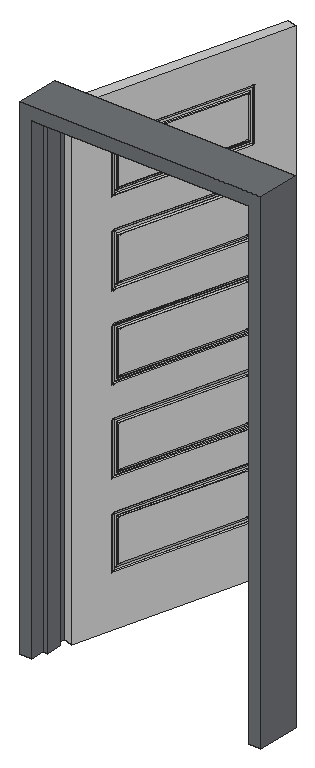
Revit family "Taylor_Entrance_5_Panel_Equal_Shaker", category Doors, host Wall, Revit 2026
Family settings
  Host = Wall
  Classification Number = 23.30.10.00
  Always vertical = Yes
  Cut with Voids When Loaded = No
  Shared = No
  Room Calculation Point = No
Parameters (values of type "36" x 84"")
  Wall depth [instance] = 0' - 6"
  URL = ""
  Thickness = 0' - 1 3/4"
  Swing Visible [instance] = Swing Angle > 1.00°  # yes
  Swing Angle [instance] = 75.00°
  Swing Actual [instance] = if(Swing Angle < 1.00°, 1.00°, Swing Angle)  # 75.00°
  Specification = "https://charrette.arcat.com/company/taylor-entrance-systems-inc-50999/spec"
  SpecWizard = ""
  Sales Information = "http://www.taylordoor.com/Content/Contact_Us.cfm"
  Rough Width = Width + 0' 4"  # 3' - 4"
  Rough Height = Height + 0' 2"  # 6' - 10"
  Product Data = ""
  Model = "5 Panel Equal (Shaker)"
  Masonry Wall [instance] = not(Gypboard Wall)  # no
  Manufacturer Website = "http://www.taylordoor.com/"
  Manufacturer Phone - Toll Free = "800-248-3600"
  Manufacturer Phone = ""
  Manufacturer Fax = "800-252-5468"
  Manufacturer Email = ""
  Manufacturer Address = "631 N. First St., West Branch, MI 48661"
  Manufacturer = "Taylor Entrance Systems"
  Installation-Fabrication = ""
  Gypboard Wall [instance] = yes
  Green Building-LEED = ""
  Function = Interior
  Height = 6' - 8"
  Wall Closure = By host
  Width = 3' - 0"
  Fire Rating = ""
  Door Panel = Door Slab - 5 Panel Shaker : Door Slab - 5 Panel Shaker
  Door Frame Finish = Material - Door - Frame
  Door Finish = Door Finish - Grey Paintable Primer
  Description = "5 panel equal (shaker) embossment option for steel doors"
  Analytic Construction = "<None>"
Types (2): name | Door Panel | Description
  36" x 84" | Door Slab - 5 Panel Shaker : Door Slab - 5 Panel Shaker | "5 panel equal (shaker) embossment option for steel doors"
  36" x 84" ADA | Door Slab - 5 Panel Shaker ADA : Door Slab - 5 Panel Shaker ADA | "5 panel equal (shaker) ADA embossment option for steel doors"
Reference planes
  plane 1 "Center (Front/Back)": y = 0
  plane 2 "Center (Left/Right)": x = 0
  plane 3 "Left": x = -457.2
  plane 4 "Right": x = 457.2
  plane 5 "Top": z = 2032
  plane 6 "Exterior": y = 76.2
  plane 7 "Interior": y = -76.2
  plane 8: x = -508
  plane 9: x = 508
  plane 10: z = 2082.8
  plane 11: x = -431.8
  plane 12: x = 431.8
  plane 13: z = 25.4
  plane 14: z = 177.8
Forms (mm)
  Sweep 1, solid, material "Material - Door - Frame" <- "Door Frame Finish", visible <- "Gypboard Wall"
    path origin (0, -76.2, 0) x (1, 0, 0) y (0, 0, 1)
      loop
        line (-457.2, 0) -> (-457.2, 2032) -> (457.2, 2032) -> (457.2, 0)
    profile origin (-457.2, -76.2, 1016) x (-1, 0, 0) y (0, -1, 0)
      loop
        line (50.8, -166.37) -> (50.8, 13.97) -> (0, 13.97) -> (0, -44.45) -> (-19.05, -44.45) -> (-19.05, -107.95) -> (0, -107.95) -> (0, -166.37) -> (50.8, -166.37)
  Sweep 2, solid, material "Material - Door - Frame" <- "Door Frame Finish", visible <- "Masonry Wall"
    path origin (0, -76.2, 0) x (1, 0, 0) y (0, 0, 1)
      loop
        line (-457.2, 0) -> (-457.2, 2032) -> (457.2, 2032) -> (457.2, 0)
    profile origin (-457.2, -76.2, 1016) x (-1, 0, 0) y (0, -1, 0)
      loop
        line (50.8, 0) -> (0, 0) -> (0, -44.45) -> (-19.05, -44.45) -> (-19.05, -117.475) -> (0, -117.475) -> (0, -152.4) -> (50.8, -152.4) -> (50.8, 0)
Lines and regions (mm)
  Opening 1
    outline origin (-2286, -76.2, 0) x (1, 0, 0) y (0, 0, 1)
      loop
        line (1778, 0) -> (2794, 0) -> (2794, 2082.8) -> (1778, 2082.8) -> (1778, 0)
  symbolic lines, style "Elevation Swing"
    curve 1: line (457.2, 76.2, 0) -> (-457.2, 76.2, 1016)
    curve 2: line (-457.2, 76.2, 1016) -> (457.2, 76.2, 2032)
  reference lines
    curve 3: line (-457.2, 76.2, 0) -> (-220.536, 959.443, 0)
  symbolic lines, style "DoorsFrameMullionProjection", visible <- "Gypboard Wall"
    curve 4: line (-508, -466.911, 0) -> (-457.2, -466.911, 0)
    curve 5: line (-508, -90.17, 0) -> (-508, -466.911, 0)
    curve 6: line (-457.2, -90.17, 0) -> (-508, -90.17, 0)
    curve 7: line (-457.2, -466.911, 0) -> (-457.2, -90.17, 0)
    curve 8: line (457.2, 90.17, 0) -> (508, 90.17, 0)
    curve 9: line (457.2, -90.17, 0) -> (457.2, 90.17, 0)
    curve 10: line (508, -90.17, 0) -> (457.2, -90.17, 0)
    curve 11: line (508, 90.17, 0) -> (508, -90.17, 0)
  symbolic lines, style "DoorsFrameMullionProjection", visible <- "Masonry Wall"
    curve 12: line (-508, 76.2, 0) -> (-457.2, 76.2, 0)
    curve 13: line (-508, -76.2, 0) -> (-508, 76.2, 0)
    curve 14: line (-457.2, -76.2, 0) -> (-508, -76.2, 0)
    curve 15: line (-457.2, 76.2, 0) -> (-457.2, -76.2, 0)
    curve 16: line (457.2, 76.2, 0) -> (508, 76.2, 0)
    curve 17: line (457.2, -76.2, 0) -> (457.2, 76.2, 0)
    curve 18: line (508, -76.2, 0) -> (457.2, -76.2, 0)
    curve 19: line (508, 76.2, 0) -> (508, -76.2, 0)
  symbolic lines, style "Swing"
    curve 20: arc (457.2, 76.2, 0) -> (268.242, 632.851, 0) -> (-220.536, 959.443, 0) r 914.4
  symbolic lines, style "DoorsFrameMullionProjection"
    curve 21: line (-457.2, -76.2, 2032) -> (457.2, -76.2, 2032)
    curve 22: line (-457.2, -76.2, 0) -> (-457.2, -76.2, 2032)
    curve 23: line (457.2, -76.2, 2032) -> (457.2, -76.2, 0)
    curve 24: line (-508, -76.2, 2082.8) -> (508, -76.2, 2082.8)
    curve 25: line (-508, -76.2, 0) -> (-508, -76.2, 2082.8)
    curve 26: line (508, -76.2, 0) -> (-508, -76.2, 0)
    curve 27: line (508, -76.2, 2082.8) -> (508, -76.2, 0)
  symbolic lines, style "Kick Plate"
    curve 28: line (-431.8, -76.2, 254) -> (431.8, -76.2, 254)
    curve 29: line (-431.8, -76.2, 25.4) -> (-431.8, -76.2, 254)
    curve 30: line (431.8, -76.2, 25.4) -> (-431.8, -76.2, 25.4)
    curve 31: line (431.8, -76.2, 254) -> (431.8, -76.2, 25.4)
Text (mm)
  text "Exterior" at (-1904.17, 693.701, 0), in view "Ref. Level"
  text "Interior" at (-1904.17, -638.649, 0), in view "Ref. Level"
  text "Exterior" at (0, 1019.848, 3124.603), in view "Right"
  text "Interior" at (0, -1635.541, 3124.603), in view "Right"
  text "Interior" at (0, -787.806, 3124.376), in view "Left"
  text "Exterior" at (0, 1386.095, 3124.376), in view "Left"
Dimensions and locks
  equal spacing: plane 3 "Left", plane 2 "Center (Left/Right)", plane 4 "Right"
  "Height": level to plane 5 "Top"
  "Width": plane 3 "Left" to plane 4 "Right"
  equal spacing: host wall, curve 2, plane 5 "Top"
  equal spacing: plane 8, plane 2 "Center (Left/Right)", plane 9
  "Rough Width": plane 8 to plane 9
  "Width": curve 3 to curve 3
  "Thickness": Sweep 1 sketch curve to plane 6 "Exterior"
  locked: Sweep 1 sketch curve to host wall at 13.97  (x2)
  "Wall depth": host wall to host wall
  "Thickness": Sweep 2 sketch curve to Sweep 1
  "Thickness": Sweep 2 sketch curve to Sweep 2 sketch curve
  "Thickness": host wall to Sweep 1 sketch curve
  "Rough Height": plane 10 to level
  locked: plane 3 "Left" to plane 11 at 25.4
  locked: plane 12 to plane 4 "Right" at 25.4
  locked: plane 13 to level at 25.4
  locked: plane 14 to plane 13 at 152.4
  "Width": radius of curve 20
  "Swing Angle": angle plane 6 "Exterior" to curve 3
  "Swing Actual": angle curve 20 to curve 20
  aligned and locked: Opening 1 sketch curve to level
  aligned and locked: plane 4 "Right" to curve 1
  aligned and locked: plane 3 "Left" to curve 1
  aligned and locked: plane 5 "Top" to curve 2
  aligned and locked: plane 6 "Exterior" to host wall
  aligned and locked: plane 7 "Interior" to host wall
  aligned and locked: plane 6 "Exterior" to curve 3
  aligned and locked: plane 3 "Left" to curve 3
  aligned and locked: Opening 1 sketch curve to plane 8
  aligned and locked: plane 9 to Opening 1 sketch curve
  aligned and locked: Sweep 1 sketch curve to plane 3 "Left"
  aligned and locked: plane 4 "Right" to Sweep 1 sketch curve
  aligned and locked: plane 5 "Top" to Sweep 1 sketch curve
  aligned and locked: Sweep 1 sketch curve to plane 8
  aligned and locked: level to Sweep 2 sketch curve  (x2)
  aligned and locked: plane 4 "Right" to Sweep 2 sketch curve
  aligned and locked: Sweep 2 sketch curve to plane 3 "Left"  (x2)
  aligned and locked: plane 5 "Top" to Sweep 2 sketch curve
  aligned and locked: profile plane to Sweep 2 sketch curve  (x2)
  aligned and locked: plane 8 to Sweep 2 sketch curve
  aligned and locked: curve 13 to plane 8
  aligned and locked: plane 3 "Left" to curve 15
  aligned and locked: curve 12 to host wall
  aligned and locked: curve 14 to host wall
  aligned and locked: curve 18 to host wall
  aligned and locked: curve 16 to host wall
  aligned and locked: curve 19 to plane 9
  aligned and locked: curve 17 to plane 4 "Right"
  aligned and locked: curve 3 to curve 20
  aligned and locked: plane 10 to Opening 1 sketch curve
  aligned and locked: plane 5 "Top" to curve 21
  aligned and locked: plane 4 "Right" to curve 23
  aligned and locked: curve 22 to plane 3 "Left"
  aligned and locked: plane 10 to curve 24
  aligned and locked: curve 27 to plane 9
  aligned and locked: curve 25 to plane 8
  aligned and locked: level to curve 26
  aligned and locked: curve 29 to plane 11
  aligned and locked: plane 12 to curve 31
Automatic sketch dimensions
  curve 1 to level = 0' - 0"
  curve 2 to plane 4 "Right" = 0' - 0"
  Sweep 1 sketch curve to level = 0' - 0"  (x2)
  Sweep 1 sketch curve to profile plane = 0' - 0"  (x2)
  profile plane to Sweep 1 sketch curve = 0' - 0 3/4"
  profile plane to Sweep 2 sketch curve = 0' - 0 3/4"
  Sweep 2 sketch curve to Sweep 2 sketch curve = 0' - 1 3/8"
  curve 31 to plane 13 = 0' - 0"
  plane 14 to curve 31 = 0' - 3"
  curve 4 to plane 8 = 0' - 0"
  curve 7 to plane 3 "Left" = 0' - 0"
  curve 10 to plane 4 "Right" = 0' - 0"
  curve 8 to plane 9 = 0' - 0"
  host wall to curve 10 = 0' - 0.55"
  host wall to curve 7 = 0' - 0.55"
  curve 4 to curve 5 = 1' - 2.83231"
  host wall to curve 9 = 0' - 0.55"
Nested families
  nested 1: "Door Slab - 5 Panel Shaker" at (-457.2, 76.2, 0) x (0.2588, 0.9659, 0) z (0, 0, 1), Door slab width <- "Width", Door slab thickness <- "Thickness", Door slab height <- "Height", type <- "Door Panel", type "Door Slab - 5 Panel Shaker"
    with Gypboard Wall yes, Door slab width 3' - 0", Door slab thickness 0' - 1 3/4", Door slab height 6' - 8"
Definition of nested family "Door Slab - 5 Panel Shaker"
  Parameters (values of type "Door Slab - 5 Panel Shaker")
    Door Finish = none
    Gypboard Wall [instance] = yes
    Door slab width [instance] = 3' - 0"
    Door slab thickness [instance] = 0' - 1 3/8"
    Door slab height [instance] = 6' - 8"
    Default Elevation = 4' - 0"
    Analytic Construction = "<None>"
  Reference planes
    plane 1 "Center (Front/Back)": y = 0
    plane 2: z = 0
    plane 3 "Center (Left/Right)": x = 0
    plane 4 "Door Thickness": y = -34.925
    plane 5: x = 914.4
    plane 6: z = 2032
    plane 7: y = -36.513
    plane 8: y = -17.463
    plane 9: y = -14.288
    plane 10: y = -20.638
    plane 11: x = 457.2
    plane 12: x = 749.3
    plane 13: x = 165.1
    plane 14: z = 214.412
    plane 15: z = 443.012
    plane 16: z = 570.012
    plane 17: z = 798.612
    plane 18: z = 925.612
    plane 19: z = 1154.212
    plane 20: z = 1281.212
    plane 21: z = 1509.812
    plane 22: z = 1636.812
    plane 23: z = 1865.412
  Forms (mm)
    Extrusion 1, solid, material <- "Door Finish"
      sketch origin (0, 0, 0) x (1, 0, 0) y (0, 0, 1)
        loop
          line (0, 2032) -> (0, 0) -> (914.4, 0) -> (914.4, 2032) -> (0, 2032)
        loop
          line (165.1, 443.012) -> (165.1, 214.412) -> (749.3, 214.412) -> (749.3, 443.012) -> (165.1, 443.012)
        loop
          line (165.1, 798.612) -> (165.1, 570.012) -> (749.3, 570.012) -> (749.3, 798.612) -> (165.1, 798.612)
        loop
          line (165.1, 1154.212) -> (165.1, 925.612) -> (749.3, 925.612) -> (749.3, 1154.212) -> (165.1, 1154.212)
        loop
          line (165.1, 1509.812) -> (165.1, 1281.212) -> (749.3, 1281.212) -> (749.3, 1509.812) -> (165.1, 1509.812)
        loop
          line (165.1, 1865.412) -> (165.1, 1636.812) -> (749.3, 1636.812) -> (749.3, 1865.412) -> (165.1, 1865.412)
      from 0 to 34.925
    Sweep 2, solid, material <- "Door Finish"
      path origin (-1020.992, -34.925, -158.89) x (-1, 0, 0) y (0, 0, 1)
        loop
          line (-1186.092, 601.902) -> (-1770.292, 601.902) -> (-1770.292, 373.302) -> (-1186.092, 373.302) -> (-1186.092, 601.902)
      profile "5_Panel_Shaker : 5_Panel_Shaker" origin (457.2, -34.925, 443.012) x (0, 0, -1) y (0, 1, 0)
        loop
          arc (-0.047, 0) -> (0.536, 0.068) -> (1.089, 0.268) r 2.539
          line (1.089, 0.268) -> (8.242, 3.845)
          arc (8.242, 3.845) -> (8.794, 4.045) -> (9.378, 4.113) r 2.539
          line (9.378, 4.113) -> (16.869, 4.113)
          arc (16.869, 4.113) -> (17.452, 4.045) -> (18.004, 3.845) r 2.539
          line (18.004, 3.845) -> (25.158, 0.268)
          arc (25.158, 0.268) -> (25.71, 0.068) -> (26.293, 0) r 2.539
          line (26.293, 0) -> (26.293, 4.748) -> (-0.047, 4.748) -> (-0.047, 0)
    Sweep 3, solid, material <- "Door Finish"
      path origin (1935.392, 0, -158.89) x (1, 0, 0) y (0, 0, 1)
        loop
          line (-1186.092, 601.902) -> (-1770.292, 601.902) -> (-1770.292, 373.302) -> (-1186.092, 373.302) -> (-1186.092, 601.902)
      profile "5_Panel_Shaker : 5_Panel_Shaker" origin (457.2, 0, 443.012) x (0, 0, -1) y (0, -1, 0)
        loop
          arc (-0.047, 0) -> (0.536, 0.068) -> (1.089, 0.268) r 2.539
          line (1.089, 0.268) -> (8.242, 3.845)
          arc (8.242, 3.845) -> (8.794, 4.045) -> (9.378, 4.113) r 2.539
          line (9.378, 4.113) -> (16.869, 4.113)
          arc (16.869, 4.113) -> (17.452, 4.045) -> (18.004, 3.845) r 2.539
          line (18.004, 3.845) -> (25.158, 0.268)
          arc (25.158, 0.268) -> (25.71, 0.068) -> (26.293, 0) r 2.539
          line (26.293, 0) -> (26.293, 4.748) -> (-0.047, 4.748) -> (-0.047, 0)
    Extrusion 4, solid, material <- "Door Finish"
      sketch origin (-485.975, -34.925, 1219.2) x (-1, 0, 0) y (0, 0, 1)
        loop
          line (-677.368, -978.495) -> (-677.368, -802.481) -> (-1208.982, -802.481) -> (-1208.982, -978.495) -> (-677.368, -978.495)
        loop
          line (-677.368, -622.895) -> (-677.368, -446.881) -> (-1208.982, -446.881) -> (-1208.982, -622.895) -> (-677.368, -622.895)
        loop
          line (-677.368, -267.295) -> (-677.368, -91.281) -> (-1208.982, -91.281) -> (-1208.982, -267.295) -> (-677.368, -267.295)
        loop
          line (-677.368, 88.305) -> (-677.368, 264.319) -> (-1208.982, 264.319) -> (-1208.982, 88.305) -> (-677.368, 88.305)
        loop
          line (-677.368, 443.905) -> (-677.368, 619.919) -> (-1208.982, 619.919) -> (-1208.982, 443.905) -> (-677.368, 443.905)
      from 0 to 34.925
    Sweep 5, solid, material <- "Door Finish"
      path origin (-1020.992, -34.925, 196.71) x (-1, 0, 0) y (0, 0, 1)
        loop
          line (-1186.092, 601.902) -> (-1770.292, 601.902) -> (-1770.292, 373.302) -> (-1186.092, 373.302) -> (-1186.092, 601.902)
      profile "5_Panel_Shaker : 5_Panel_Shaker" origin (457.2, -34.925, 798.612) x (0, 0, -1) y (0, 1, 0)
        loop
          arc (-0.047, 0) -> (0.536, 0.068) -> (1.089, 0.268) r 2.539
          line (1.089, 0.268) -> (8.242, 3.845)
          arc (8.242, 3.845) -> (8.794, 4.045) -> (9.378, 4.113) r 2.539
          line (9.378, 4.113) -> (16.869, 4.113)
          arc (16.869, 4.113) -> (17.452, 4.045) -> (18.004, 3.845) r 2.539
          line (18.004, 3.845) -> (25.158, 0.268)
          arc (25.158, 0.268) -> (25.71, 0.068) -> (26.293, 0) r 2.539
          line (26.293, 0) -> (26.293, 4.748) -> (-0.047, 4.748) -> (-0.047, 0)
    Sweep 6, solid, material <- "Door Finish"
      path origin (1935.392, 0, 196.71) x (1, 0, 0) y (0, 0, 1)
        loop
          line (-1186.092, 601.902) -> (-1770.292, 601.902) -> (-1770.292, 373.302) -> (-1186.092, 373.302) -> (-1186.092, 601.902)
      profile "5_Panel_Shaker : 5_Panel_Shaker" origin (457.2, 0, 798.612) x (0, 0, -1) y (0, -1, 0)
        loop
          arc (-0.047, 0) -> (0.536, 0.068) -> (1.089, 0.268) r 2.539
          line (1.089, 0.268) -> (8.242, 3.845)
          arc (8.242, 3.845) -> (8.794, 4.045) -> (9.378, 4.113) r 2.539
          line (9.378, 4.113) -> (16.869, 4.113)
          arc (16.869, 4.113) -> (17.452, 4.045) -> (18.004, 3.845) r 2.539
          line (18.004, 3.845) -> (25.158, 0.268)
          arc (25.158, 0.268) -> (25.71, 0.068) -> (26.293, 0) r 2.539
          line (26.293, 0) -> (26.293, 4.748) -> (-0.047, 4.748) -> (-0.047, 0)
    Sweep 7, solid, material <- "Door Finish"
      path origin (-1020.992, -34.925, 552.31) x (-1, 0, 0) y (0, 0, 1)
        loop
          line (-1186.092, 601.902) -> (-1770.292, 601.902) -> (-1770.292, 373.302) -> (-1186.092, 373.302) -> (-1186.092, 601.902)
      profile "5_Panel_Shaker : 5_Panel_Shaker" origin (457.2, -34.925, 1154.212) x (0, 0, -1) y (0, 1, 0)
        loop
          arc (-0.047, 0) -> (0.536, 0.068) -> (1.089, 0.268) r 2.539
          line (1.089, 0.268) -> (8.242, 3.845)
          arc (8.242, 3.845) -> (8.794, 4.045) -> (9.378, 4.113) r 2.539
          line (9.378, 4.113) -> (16.869, 4.113)
          arc (16.869, 4.113) -> (17.452, 4.045) -> (18.004, 3.845) r 2.539
          line (18.004, 3.845) -> (25.158, 0.268)
          arc (25.158, 0.268) -> (25.71, 0.068) -> (26.293, 0) r 2.539
          line (26.293, 0) -> (26.293, 4.748) -> (-0.047, 4.748) -> (-0.047, 0)
    Sweep 8, solid, material <- "Door Finish"
      path origin (1935.392, 0, 552.31) x (1, 0, 0) y (0, 0, 1)
        loop
          line (-1186.092, 601.902) -> (-1770.292, 601.902) -> (-1770.292, 373.302) -> (-1186.092, 373.302) -> (-1186.092, 601.902)
      profile "5_Panel_Shaker : 5_Panel_Shaker" origin (457.2, 0, 1154.212) x (0, 0, -1) y (0, -1, 0)
        loop
          arc (-0.047, 0) -> (0.536, 0.068) -> (1.089, 0.268) r 2.539
          line (1.089, 0.268) -> (8.242, 3.845)
          arc (8.242, 3.845) -> (8.794, 4.045) -> (9.378, 4.113) r 2.539
          line (9.378, 4.113) -> (16.869, 4.113)
          arc (16.869, 4.113) -> (17.452, 4.045) -> (18.004, 3.845) r 2.539
          line (18.004, 3.845) -> (25.158, 0.268)
          arc (25.158, 0.268) -> (25.71, 0.068) -> (26.293, 0) r 2.539
          line (26.293, 0) -> (26.293, 4.748) -> (-0.047, 4.748) -> (-0.047, 0)
    Sweep 9, solid, material <- "Door Finish"
      path origin (-1020.992, -34.925, 907.91) x (-1, 0, 0) y (0, 0, 1)
        loop
          line (-1186.092, 601.902) -> (-1770.292, 601.902) -> (-1770.292, 373.302) -> (-1186.092, 373.302) -> (-1186.092, 601.902)
      profile "5_Panel_Shaker : 5_Panel_Shaker" origin (457.2, -34.925, 1509.812) x (0, 0, -1) y (0, 1, 0)
        loop
          arc (-0.047, 0) -> (0.536, 0.068) -> (1.089, 0.268) r 2.539
          line (1.089, 0.268) -> (8.242, 3.845)
          arc (8.242, 3.845) -> (8.794, 4.045) -> (9.378, 4.113) r 2.539
          line (9.378, 4.113) -> (16.869, 4.113)
          arc (16.869, 4.113) -> (17.452, 4.045) -> (18.004, 3.845) r 2.539
          line (18.004, 3.845) -> (25.158, 0.268)
          arc (25.158, 0.268) -> (25.71, 0.068) -> (26.293, 0) r 2.539
          line (26.293, 0) -> (26.293, 4.748) -> (-0.047, 4.748) -> (-0.047, 0)
    Sweep 10, solid, material <- "Door Finish"
      path origin (1935.392, 0, 907.91) x (1, 0, 0) y (0, 0, 1)
        loop
          line (-1186.092, 601.902) -> (-1770.292, 601.902) -> (-1770.292, 373.302) -> (-1186.092, 373.302) -> (-1186.092, 601.902)
      profile "5_Panel_Shaker : 5_Panel_Shaker" origin (457.2, 0, 1509.812) x (0, 0, -1) y (0, -1, 0)
        loop
          arc (-0.047, 0) -> (0.536, 0.068) -> (1.089, 0.268) r 2.539
          line (1.089, 0.268) -> (8.242, 3.845)
          arc (8.242, 3.845) -> (8.794, 4.045) -> (9.378, 4.113) r 2.539
          line (9.378, 4.113) -> (16.869, 4.113)
          arc (16.869, 4.113) -> (17.452, 4.045) -> (18.004, 3.845) r 2.539
          line (18.004, 3.845) -> (25.158, 0.268)
          arc (25.158, 0.268) -> (25.71, 0.068) -> (26.293, 0) r 2.539
          line (26.293, 0) -> (26.293, 4.748) -> (-0.047, 4.748) -> (-0.047, 0)
    Sweep 11, solid, material <- "Door Finish"
      path origin (-1020.992, -34.925, 1263.51) x (-1, 0, 0) y (0, 0, 1)
        loop
          line (-1186.092, 601.902) -> (-1770.292, 601.902) -> (-1770.292, 373.302) -> (-1186.092, 373.302) -> (-1186.092, 601.902)
      profile "5_Panel_Shaker : 5_Panel_Shaker" origin (457.2, -34.925, 1865.412) x (0, 0, -1) y (0, 1, 0)
        loop
          arc (-0.047, 0) -> (0.536, 0.068) -> (1.089, 0.268) r 2.539
          line (1.089, 0.268) -> (8.242, 3.845)
          arc (8.242, 3.845) -> (8.794, 4.045) -> (9.378, 4.113) r 2.539
          line (9.378, 4.113) -> (16.869, 4.113)
          arc (16.869, 4.113) -> (17.452, 4.045) -> (18.004, 3.845) r 2.539
          line (18.004, 3.845) -> (25.158, 0.268)
          arc (25.158, 0.268) -> (25.71, 0.068) -> (26.293, 0) r 2.539
          line (26.293, 0) -> (26.293, 4.748) -> (-0.047, 4.748) -> (-0.047, 0)
    Sweep 12, solid, material <- "Door Finish"
      path origin (1935.392, 0, 1263.51) x (1, 0, 0) y (0, 0, 1)
        loop
          line (-1186.092, 601.902) -> (-1770.292, 601.902) -> (-1770.292, 373.302) -> (-1186.092, 373.302) -> (-1186.092, 601.902)
      profile "5_Panel_Shaker : 5_Panel_Shaker" origin (457.2, 0, 1865.412) x (0, 0, -1) y (0, -1, 0)
        loop
          arc (-0.047, 0) -> (0.536, 0.068) -> (1.089, 0.268) r 2.539
          line (1.089, 0.268) -> (8.242, 3.845)
          arc (8.242, 3.845) -> (8.794, 4.045) -> (9.378, 4.113) r 2.539
          line (9.378, 4.113) -> (16.869, 4.113)
          arc (16.869, 4.113) -> (17.452, 4.045) -> (18.004, 3.845) r 2.539
          line (18.004, 3.845) -> (25.158, 0.268)
          arc (25.158, 0.268) -> (25.71, 0.068) -> (26.293, 0) r 2.539
          line (26.293, 0) -> (26.293, 4.748) -> (-0.047, 4.748) -> (-0.047, 0)
  Lines and regions (mm)
    symbolic lines
      curve 1: line (0, 0, 0) -> (914.4, 0, 0)
      curve 2: line (0, -34.925, 0) -> (0, 0, 0)
      curve 3: line (914.4, -34.925, 0) -> (0, -34.925, 0)
      curve 4: line (914.4, 0, 0) -> (914.4, -34.925, 0)
  Dimensions and locks
    "Door slab thickness": plane 4 "Door Thickness" to plane 1 "Center (Front/Back)"
    "Door slab width": plane 3 "Center (Left/Right)" to plane 5
    "Door slab height": plane 6 to level
    plane 4 "Door Thickness" to plane 7 = 0' - 0 1/16"
    equal spacing: plane 4 "Door Thickness", plane 8, plane 1 "Center (Front/Back)"
    equal spacing: plane 9, plane 8, plane 10
    plane 9 to plane 10 = 0' - 0 1/4"
    aligned and locked: plane 2 to level
    aligned and locked: plane 3 "Center (Left/Right)" to Extrusion 1 sketch curve
    aligned and locked: Extrusion 1 sketch curve to plane 6
    aligned and locked: plane 5 to Extrusion 1 sketch curve
    aligned and locked: level to Extrusion 1 sketch curve
    aligned and locked: Extrusion 1 to plane 4 "Door Thickness"
    aligned and locked: Extrusion 1 to plane 1 "Center (Front/Back)"
    aligned and locked: plane 3 "Center (Left/Right)" to curve 2
    aligned and locked: plane 5 to curve 4
    aligned and locked: plane 4 "Door Thickness" to curve 3
    aligned and locked: plane 1 "Center (Front/Back)" to curve 1
  Automatic sketch dimensions
    plane 13 to Extrusion 1 sketch curve = 0' - 0"  (x5)
    plane 12 to Extrusion 1 sketch curve = 0' - 0"  (x5)
    Extrusion 1 sketch curve to plane 14 = 0' - 0"
    Extrusion 1 sketch curve to plane 15 = 0' - 0"
    Extrusion 1 sketch curve to plane 16 = 0' - 0"
    Extrusion 1 sketch curve to plane 17 = 0' - 0"
    Extrusion 1 sketch curve to plane 18 = 0' - 0"
    Extrusion 1 sketch curve to plane 19 = 0' - 0"
    Extrusion 1 sketch curve to plane 20 = 0' - 0"
    Extrusion 1 sketch curve to plane 21 = 0' - 0"
    Extrusion 1 sketch curve to plane 22 = 0' - 0"
    Extrusion 1 sketch curve to plane 23 = 0' - 0"
    plane 12 to Sweep 2 sketch curve = 0' - 0"
    plane 13 to Sweep 2 sketch curve = 0' - 0"
    Sweep 2 sketch curve to plane 14 = 0' - 0"
    Sweep 2 sketch curve to plane 15 = 0' - 0"
    plane 13 to Sweep 3 sketch curve = 0' - 0"
    plane 12 to Sweep 3 sketch curve = 0' - 0"
    Sweep 3 sketch curve to plane 14 = 0' - 0"
    Sweep 3 sketch curve to plane 15 = 0' - 0"
    plane 12 to Extrusion 4 sketch curve = 0' - 1 9/256"  (x5)
    Extrusion 4 sketch curve to plane 13 = 0' - 1 9/256"  (x5)
    plane 14 to Extrusion 4 sketch curve = 0' - 1 9/256"
    Extrusion 4 sketch curve to plane 15 = 0' - 1 9/256"
    plane 16 to Extrusion 4 sketch curve = 0' - 1 9/256"
    Extrusion 4 sketch curve to plane 17 = 0' - 1 9/256"
    plane 18 to Extrusion 4 sketch curve = 0' - 1 9/256"
    Extrusion 4 sketch curve to plane 19 = 0' - 1 9/256"
    plane 20 to Extrusion 4 sketch curve = 0' - 1 9/256"
    Extrusion 4 sketch curve to plane 21 = 0' - 1 9/256"
    plane 22 to Extrusion 4 sketch curve = 0' - 1 9/256"
    Extrusion 4 sketch curve to plane 23 = 0' - 1 9/256"
    plane 12 to Sweep 5 sketch curve = 0' - 0"
    plane 13 to Sweep 5 sketch curve = 0' - 0"
    Sweep 5 sketch curve to plane 16 = 0' - 0"
    Sweep 5 sketch curve to plane 17 = 0' - 0"
    plane 13 to Sweep 6 sketch curve = 0' - 0"
    plane 12 to Sweep 6 sketch curve = 0' - 0"
    Sweep 6 sketch curve to plane 16 = 0' - 0"
    Sweep 6 sketch curve to plane 17 = 0' - 0"
    plane 12 to Sweep 7 sketch curve = 0' - 0"
    plane 13 to Sweep 7 sketch curve = 0' - 0"
    Sweep 7 sketch curve to plane 18 = 0' - 0"
    Sweep 7 sketch curve to plane 19 = 0' - 0"
    plane 13 to Sweep 8 sketch curve = 0' - 0"
    plane 12 to Sweep 8 sketch curve = 0' - 0"
    Sweep 8 sketch curve to plane 18 = 0' - 0"
    Sweep 8 sketch curve to plane 19 = 0' - 0"
    plane 12 to Sweep 9 sketch curve = 0' - 0"
    plane 13 to Sweep 9 sketch curve = 0' - 0"
    Sweep 9 sketch curve to plane 20 = 0' - 0"
    Sweep 9 sketch curve to plane 21 = 0' - 0"
    plane 13 to Sweep 10 sketch curve = 0' - 0"
    plane 12 to Sweep 10 sketch curve = 0' - 0"
    Sweep 10 sketch curve to plane 20 = 0' - 0"
    Sweep 10 sketch curve to plane 21 = 0' - 0"
    plane 12 to Sweep 11 sketch curve = 0' - 0"
    plane 13 to Sweep 11 sketch curve = 0' - 0"
    Sweep 11 sketch curve to plane 22 = 0' - 0"
    Sweep 11 sketch curve to plane 23 = 0' - 0"
    plane 13 to Sweep 12 sketch curve = 0' - 0"
    plane 12 to Sweep 12 sketch curve = 0' - 0"
    Sweep 12 sketch curve to plane 22 = 0' - 0"
    Sweep 12 sketch curve to plane 23 = 0' - 0"
